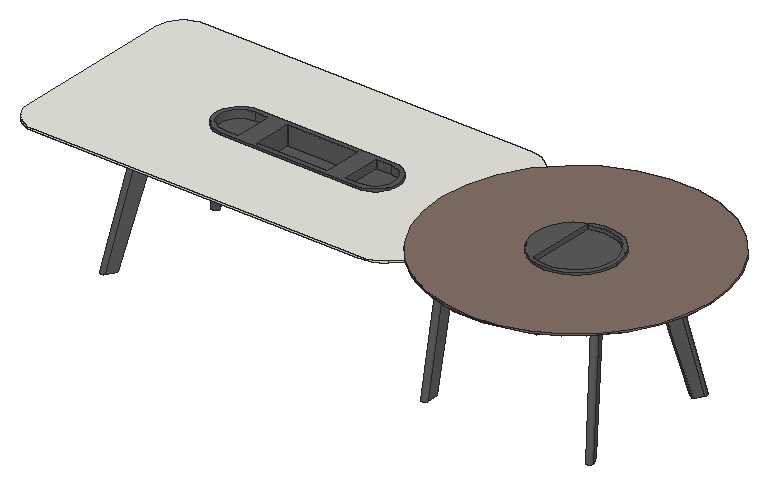
Revit family "Haworth_Immerse_OverlapTable_RectangleRound", category Furniture Systems, Revit 2018
Family settings
  Round Connector Dimension = Use Diameter
  Part Type = Normal
  OmniClass Number = 23.40.70.14.64.21
  OmniClass Title = Systems Furniture
  Work Plane-Based = No
  Always vertical = Yes
  Cut with Voids When Loaded = No
  Shared = No
  Room Calculation Point = No
Parameters (values of type "48d 96w 60d 60w 29h - Two Planters")
  Warranty = "http://www.haworth.com/resources/product-info/warranties"
  Void Baseline Height = 18"  # constant formula
  Upper Top Finish [instance] = Haworth _ Wood _ Walnut
  Understructure Finish [instance] = Haworth _ Paint _ Black
  URL - Product = "http://www.haworth.com/products/tables/collaborative/immerse"
  Standard Sizes = "48d 96w, 60d 60w"  # constant formula
  Standard Height = "29 in."  # constant formula
  Size = "Verify Final Dim. w/ Haworth"  # constant formula
  Round Planter Void Height = if(Round Planter, 24", 6")  # 24"
  Round Planter = yes
  Planter Finish [instance] = Haworth _ Paint _ Black
  Oblong Planter Void Height = if(Oblong Planter, 22", 6")  # 22"
  Oblong Planter = yes
  Model = "THRD-48D8"  # constant formula
  URL = "https://www.haworth.com/na/en.html"
  Revision Number = "1"  # constant formula
  Manufacturer = "Haworth"  # constant formula
  Lower Top Finish [instance] = Haworth _ Paint _ Polar
  Leg Finish [instance] = Haworth _ Wood _ Ink On Ash
  Description = "Haworth Immerse Overlap Table Rectangle Round - 48d 96w 60d 60w 29h - Two Planters"
  Author = "Haworth (Bentzen)"  # constant formula
  Assembly Code = "E2020200"
  Actual Width = 138"  # constant formula
  Actual Height = 29"  # constant formula
  Actual Depth = 60"  # constant formula
Types (4): name | Round Planter Void Height | Round Planter | Oblong Planter Void Height | Oblong Planter | Description
  48d 96w 60d 60w 29h - Oblong Planter | 6" | no | 22" | yes | "Haworth Immerse Overlap Table Rectangle Round - 48d 96w 60d 60w 29h - Oblong Planter"
  48d 96w 60d 60w 29h - No Planter | 6" | no | 6" | no | "Haworth Immerse Overlap Table Rectangle Round - 48d 96w 60d 60w 29h - No Planter"
  48d 96w 60d 60w 29h - Round Planter | 24" | yes | 6" | no | "Haworth Immerse Overlap Table Rectangle Round - 48d 96w 60d 60w 29h - Round Planter"
  48d 96w 60d 60w 29h - Two Planters | 24" | yes | 22" | yes | "Haworth Immerse Overlap Table Rectangle Round - 48d 96w 60d 60w 29h - Two Planters"
Reference planes (in)
  plane 1 "Floor": z = 0
  plane 2 "Lower Void Top": z = 40
  plane 3 "Void Bottom": z = 18
  plane 4 "Plan Racetrack Lower": y = 25.70774
  plane 5 "Plan Racetrack Upper": y = -22.29226
  plane 6 "Plan Round Upper": y = -28.29226
  plane 7 "Plan Round Lower": y = 31.70774
  plane 8: y = 1.70774
  plane 9 "Understructure Bottom": z = 25.07
  plane 10: z = 42
  plane 11 "Left": x = -74.03484
  plane 12: z = 27.82
  plane 13: z = 29
  plane 14: z = 29.84709
  plane 15: z = 30.18
  plane 16: z = 26.25
  plane 17: z = 28.66709
  plane 18: x = 21.96516
  plane 19: x = 3.96516
  plane 20: x = 63.96516
  plane 21: x = -26.03484
  plane 22: x = 33.96516
  plane 23: through (-13.62178, 41.92967, 48) normal (0.6698, 0.7425, 0)
  plane 24: through (-31.39813, -54.54965, 48) normal (-0.6698, 0.7425, 0)
  plane 25: x = 19.96516
  plane 26: x = 4.27205
  plane 27: x = 4.27205
  plane 28: through (9.63055, 23.64799, 48) normal (0.7425, -0.6698, 0)
  plane 29: through (19.69592, 14.56834, 48) normal (0.7425, -0.6698, 0)
  plane 30: y = 9.66764
  plane 31: through (9.63055, 23.64799, 48) normal (0.6698, 0.7425, 0)
  plane 32: through (19.69592, -11.15285, 48) normal (0.6698, -0.7425, 0)
  plane 33: x = -5.03484
Forms (in)
  Extrusion 1, solid, material "Haworth _ Paint _ Black" <- "Understructure Finish"
    sketch origin (100.37156, -13.25256, 14.35222) x (1, 0, 0) y (0, 0, 1)
      loop
        line (-56.0239, 14.64778) -> (-86.40577, 14.64778) -> (-86.40577, 11.89779) -> (-56.0239, 11.89779) -> (-56.0239, 14.64778)
    from -8.47972 to -7.07126
  Extrusion 2, solid, material "Haworth _ Paint _ Black" <- "Understructure Finish"
    sketch origin (-90.7701, 1.33882, 54.01613) x (-1, 0, 0) y (0, 0, 1)
      loop
        line (-135.11776, -27.76613) -> (-135.11776, -25.01613) -> (-136.65772, -25.01613) -> (-136.65772, -27.76613) -> (-135.11776, -27.76613)
    from -7.52011 to 8.28708
  Extrusion 3, solid, material "Haworth _ Wood _ Walnut" <- "Upper Top Finish"
    sketch origin (-40.10222, 25.60179, 0) x (-1, 0, 0) y (0, -1, 0)
      loop
        circle (-74.06738, 23.89404) r 30
    from 29.84709 to 30.18
  Blend 4, solid, material "Haworth _ Wood _ Walnut" <- "Upper Top Finish"
    base sketch origin (-26.88311, -138.29999, 0) x (-1, 0, 0) y (0, -1, 0)
      loop
        circle (-60.84827, -140.00774) r 28
    top sketch origin (-26.88311, -138.29999, 0) x (-1, 0, 0) y (0, -1, 0)
      loop
        circle (-60.84827, -140.00774) r 30
    from 29 to 29.84709
  Extrusion 5, solid, material "Haworth _ Paint _ Black" <- "Understructure Finish"
    sketch origin (100.37156, 1.74744, 14.35222) x (1, 0, 0) y (0, 0, 1)
      loop
        line (-56.0239, 14.64778) -> (-86.40577, 14.64778) -> (-86.40577, 11.89779) -> (-56.0239, 11.89779) -> (-56.0239, 14.64778)
    from -7.87846 to -6.47364
  Blend 6, solid, material "Haworth _ Paint _ Polar" <- "Lower Top Finish"
    base sketch origin (40.32415, -72.83085, -20.75261) x (0, -1, 0) y (1, 0, 0)
      loop
        arc (-96.5386, -108.35899) -> (-95.36702, -111.18742) -> (-92.5386, -112.35899) r 4
        line (-92.5386, -112.35899) -> (-56.5386, -112.35899)
        arc (-56.5386, -112.35899) -> (-53.71017, -111.18742) -> (-52.5386, -108.35899) r 4
        line (-52.5386, -108.35899) -> (-52.5386, -36.05204)
        arc (-52.5386, -36.05204) -> (-52.94653, -33.90253) -> (-54.08341, -32.03323) r 6.12943
        line (-54.08341, -32.03323) -> (-63.16306, -21.96785)
        arc (-63.16306, -21.96785) -> (-64.72814, -20.81183) -> (-66.62044, -20.35899) r 4.88124
        line (-66.62044, -20.35899) -> (-74.5386, -20.35899) -> (-82.45675, -20.35899)
        arc (-82.45675, -20.35899) -> (-84.34905, -20.81183) -> (-85.91413, -21.96785) r 4.88124
        line (-85.91413, -21.96785) -> (-94.99378, -32.03323)
        arc (-94.99378, -32.03323) -> (-96.13066, -33.90253) -> (-96.5386, -36.05204) r 6.12943
        line (-96.5386, -36.05204) -> (-96.5386, -108.35899)
    top sketch origin (40.32415, -72.83085, -24.4529) x (0, -1, 0) y (1, 0, 0)
      loop
        arc (-96.47884, -30.6936) -> (-98.00536, -33.13411) -> (-98.5386, -35.96289) r 7.76983
        line (-98.5386, -35.96289) -> (-98.5386, -108.35899)
        arc (-98.5386, -108.35899) -> (-96.78124, -112.60163) -> (-92.5386, -114.35899) r 6
        line (-92.5386, -114.35899) -> (-56.5386, -114.35899)
        arc (-56.5386, -114.35899) -> (-52.29595, -112.60163) -> (-50.5386, -108.35899) r 6
        line (-50.5386, -108.35899) -> (-50.5386, -35.96289)
        arc (-50.5386, -35.96289) -> (-51.07183, -33.13411) -> (-52.59835, -30.6936) r 7.76983
        line (-52.59835, -30.6936) -> (-61.678, -20.62823)
        arc (-61.678, -20.62823) -> (-63.76335, -19.0518) -> (-66.28403, -18.35899) r 6.93761
        line (-66.28403, -18.35899) -> (-74.5386, -18.35899) -> (-82.79316, -18.35899)
        arc (-82.79316, -18.35899) -> (-85.31384, -19.0518) -> (-87.39919, -20.62823) r 6.93761
        line (-87.39919, -20.62823) -> (-96.47884, -30.6936)
    from 48.57261 to 53.11998
  Extrusion 7, solid, material "Haworth _ Paint _ Black" <- "Understructure Finish"
    sketch origin (40.74604, 1.72412, -54.27357) x (1, 0, 0) y (0, 0, 1)
      loop
        line (-94.22339, 82.09357) -> (-95.76335, 82.09357) -> (-95.76335, 79.34357) -> (-94.22339, 79.34357) -> (-94.22339, 82.09357)
    from -7.90178 to 7.90541
  Blend 8, solid, material "Haworth _ Wood _ Ink On Ash" <- "Leg Finish"
    base sketch origin (27.74293, -72.79524, -23.96178) x (0, -1, 0) y (1, 0, 0)
      loop
        line (-60.60011, -15.32829) -> (-58.34678, -15.32829)
        arc (-58.34678, -15.32829) -> (-57.57177, -14.55329) -> (-58.34678, -13.77829) r 0.775
        line (-58.34678, -13.77829) -> (-60.60011, -13.77829) -> (-60.60011, -15.32829)
    top sketch origin (27.74293, -72.79524, -25.31466) x (0, -1, 0) y (1, 0, 0)
      loop
        line (-66.61394, -15.32834) -> (-64.01071, -15.32834)
        arc (-64.01071, -15.32834) -> (-63.23566, -14.55329) -> (-64.01071, -13.77824) r 0.77505
        line (-64.01071, -13.77824) -> (-66.61394, -13.77824) -> (-66.61394, -15.32834)
    from 23.96178 to 53.13466
  Extrusion 9, solid, material "Haworth _ Paint _ Black" <- "Understructure Finish"
    sketch origin (44.49604, 1.72412, -54.27357) x (1, 0, 0) y (0, 0, 1)
      loop
        line (-32.08025, 82.09357) -> (-97.97339, 82.09357) -> (-97.97339, 79.34357) -> (-32.08025, 79.34357) -> (-32.08025, 82.09357)
    from 6.49696 to 7.90541
  Extrusion 10, solid, material "Haworth _ Paint _ Black" <- "Understructure Finish"
    sketch origin (44.49604, 1.72412, -54.27357) x (1, 0, 0) y (0, 0, -1)
      loop
        line (-32.08025, -82.09357) -> (-32.08025, -79.34357) -> (-97.97339, -79.34357) -> (-97.97339, -82.09357) -> (-32.08025, -82.09357)
    from 6.49696 to 7.90178
  Blend 11, solid, material "Haworth _ Wood _ Ink On Ash" <- "Leg Finish"
    base sketch origin (40.56242, -35.53776, -25.31466) x (0, 1, 0) y (-1, 0, 0)
      loop
        line (50.56984, 98.86865) -> (51.34562, 97.52495) -> (53.33111, 98.67127)
        arc (53.33111, 98.67127) -> (53.61506, 99.73101) -> (52.55533, 100.01497) r 0.77578
        line (52.55533, 100.01497) -> (50.56984, 98.86865)
    top sketch origin (40.56242, -35.53776, -25.31466) x (0, 1, 0) y (-1, 0, 0)
      loop
        line (44.14424, 93.36905) -> (47.03752, 95.03948)
        arc (47.03752, 95.03948) -> (47.32119, 96.09815) -> (46.26252, 96.38182) r 0.775
        line (46.26252, 96.38182) -> (43.36925, 94.71138) -> (44.14424, 93.36905)
    from 25.31466 to 53.13466
  Extrusion 12, solid, material "Haworth _ Paint _ Black" <- "Understructure Finish"
    sketch origin (102.03455, 1.72412, -47.52357) x (1, 0, 0) y (0, 0, 1)
      loop
        line (-88.06876, 75.34357) -> (-89.61876, 75.34357) -> (-89.61876, 72.59357) -> (-88.06876, 72.59357) -> (-88.06876, 75.34357)
    from -7.90178 to 7.90541
  Extrusion 13, solid, material "Haworth _ Paint _ Polar" <- "Lower Top Finish"
    sketch origin (40.32415, -72.83085, -54.76436) x (1, 0, 0) y (0, 1, 0)
      loop
        arc (-108.35899, 98.5386) -> (-112.60163, 96.78124) -> (-114.35899, 92.5386) r 6
        line (-114.35899, 92.5386) -> (-114.35899, 56.5386)
        arc (-114.35899, 56.5386) -> (-112.60163, 52.29595) -> (-108.35899, 50.5386) r 6
        line (-108.35899, 50.5386) -> (-35.96289, 50.5386)
        arc (-35.96289, 50.5386) -> (-33.13411, 51.07183) -> (-30.6936, 52.59835) r 7.76983
        line (-30.6936, 52.59835) -> (-20.62823, 61.68675)
        arc (-20.62823, 61.68675) -> (-19.03665, 63.80916) -> (-18.35899, 66.37403) r 6.93111
        line (-18.35899, 66.37403) -> (-18.35899, 74.5386) -> (-18.35899, 82.70316)
        arc (-18.35899, 82.70316) -> (-19.03665, 85.26803) -> (-20.62823, 87.39044) r 6.93111
        line (-20.62823, 87.39044) -> (-30.6936, 96.47884)
        arc (-30.6936, 96.47884) -> (-33.13411, 98.00536) -> (-35.96289, 98.5386) r 7.76983
        line (-35.96289, 98.5386) -> (-108.35899, 98.5386)
    from 83.76436 to 83.43145
  Extrusion 14, void
    sketch origin (2.58825, 147.4983, 0) x (1, 0, 0) y (0, 1, 0)
      loop
        circle (31.37691, -145.79055) r 8.9
    from 18 to 42
  Extrusion 15, void
    sketch origin (-8.06806, 146.14147, 0) x (1, 0, 0) y (0, 1, 0)
      loop
        line (-21.60779, -139.33407) -> (-33.08615, -139.33407)
        arc (-33.08615, -139.33407) -> (-38.14128, -144.38919) -> (-33.08615, -149.44432) r 5.05513
        line (-33.08615, -149.44432) -> (-21.60779, -149.44432) -> (-2.83433, -149.44432)
        arc (-2.83433, -149.44432) -> (2.22079, -144.38919) -> (-2.83433, -139.33407) r 5.05513
        line (-2.83433, -139.33407) -> (-21.60779, -139.33407)
    from 18 to 40
  Blend 16, solid, material "Haworth _ Wood _ Ink On Ash" <- "Leg Finish"
    base sketch origin (27.74404, 76.24634, -23.96178) x (0, -1, 0) y (1, 0, 0)
      loop
        line (60.60011, -15.32829) -> (60.60011, -13.77829) -> (58.34678, -13.77829)
        arc (58.34678, -13.77829) -> (57.57177, -14.55329) -> (58.34678, -15.32829) r 0.775
        line (58.34678, -15.32829) -> (60.60011, -15.32829)
    top sketch origin (27.74404, 76.24634, -25.31466) x (0, -1, 0) y (1, 0, 0)
      loop
        line (66.61394, -15.32834) -> (66.61394, -13.77824) -> (64.01071, -13.77824)
        arc (64.01071, -13.77824) -> (63.23566, -14.55329) -> (64.01071, -15.32834) r 0.77505
        line (64.01071, -15.32834) -> (66.61394, -15.32834)
    from 23.96178 to 53.13466
  Blend 17, solid, material "Haworth _ Wood _ Ink On Ash" <- "Leg Finish"
    base sketch origin (53.47402, -95.09944, -25.31466) x (-0.866025, -0.5, 0) y (0.5, -0.866025, 0)
      loop
        line (-50.65624, -98.81876) -> (-51.43203, -97.47507) -> (-53.41751, -98.62139)
        arc (-53.41751, -98.62139) -> (-53.70147, -99.68113) -> (-52.64173, -99.96508) r 0.77578
        line (-52.64173, -99.96508) -> (-50.65624, -98.81876)
    top sketch origin (53.47402, -95.09944, -25.31466) x (-0.866025, -0.5, 0) y (0.5, -0.866025, 0)
      loop
        line (-44.23065, -93.31916) -> (-47.12393, -94.98959)
        arc (-47.12393, -94.98959) -> (-47.4076, -96.04826) -> (-46.34893, -96.33193) r 0.775
        line (-46.34893, -96.33193) -> (-43.45565, -94.6615) -> (-44.23065, -93.31916)
    from 25.31466 to 54.31466
  Blend 18, solid, material "Haworth _ Wood _ Ink On Ash" <- "Leg Finish"
    base sketch origin (53.47402, -95.09944, -25.31466) x (-0.866025, -0.5, 0) y (0.5, -0.866025, 0)
      loop
        line (-36.38294, -74.49576) -> (-36.38294, -72.20312)
        arc (-36.38294, -72.20312) -> (-37.15872, -71.42734) -> (-37.93451, -72.20312) r 0.77578
        line (-37.93451, -72.20312) -> (-37.93451, -74.49576) -> (-36.38294, -74.49576)
    top sketch origin (53.47402, -95.09944, -25.31466) x (-0.866025, -0.5, 0) y (0.5, -0.866025, 0)
      loop
        line (-37.93294, -82.81016) -> (-36.38294, -82.81016) -> (-36.38294, -79.46929)
        arc (-36.38294, -79.46929) -> (-37.15801, -78.69429) -> (-37.93294, -79.46942) r 0.775
        line (-37.93294, -79.46942) -> (-37.93294, -82.81016)
    from 25.31466 to 54.31466
  Blend 19, solid, material "Haworth _ Wood _ Ink On Ash" <- "Leg Finish"
    base sketch origin (40.56242, -35.53776, -25.31466) x (0, 1, 0) y (-1, 0, 0)
      loop
        line (23.92117, 98.86865) -> (21.93568, 100.01497)
        arc (21.93568, 100.01497) -> (20.87594, 99.73101) -> (21.1599, 98.67127) r 0.77578
        line (21.1599, 98.67127) -> (23.14538, 97.52495) -> (23.92117, 98.86865)
    top sketch origin (40.56242, -35.53776, -25.31466) x (0, 1, 0) y (-1, 0, 0)
      loop
        line (30.34676, 93.36905) -> (31.12176, 94.71138) -> (28.22848, 96.38182)
        arc (28.22848, 96.38182) -> (27.16981, 96.09815) -> (27.45348, 95.03948) r 0.775
        line (27.45348, 95.03948) -> (30.34676, 93.36905)
    from 25.31466 to 53.13466
Cuts and joins
  Extrusion 14 cuts Extrusion 3
  Extrusion 14 cuts Blend 4
  Extrusion 15 cuts Extrusion 13
  Extrusion 15 cuts Blend 6
Lines and regions (in)
  Masking region 1
    outline origin (0, 0, 0) x (1, 0, 0) y (0, 1, 0)
      loop
        line (4.36126, 25.70774) -> (-68.17895, 25.70774)
        arc (-68.17895, 25.70774) -> (-72.42159, 23.95038) -> (-74.17895, 19.70774) r 6
        line (-74.17895, 19.70774) -> (-74.17895, -16.29226)
        arc (-74.17895, -16.29226) -> (-72.42159, -20.5349) -> (-68.17895, -22.29226) r 6
        line (-68.17895, -22.29226) -> (4.36126, -22.29226)
        arc (4.36126, -22.29226) -> (7.19004, -21.75902) -> (9.63055, -20.2325) r 7.76983
        line (9.63055, -20.2325) -> (11.63476, -18.42282)
        arc (11.63476, -18.42282) -> (63.96516, 1.70774) -> (11.63476, 21.83831) r 30.03713
        line (11.63476, 21.83831) -> (9.63055, 23.64799)
        arc (9.63055, 23.64799) -> (7.19004, 25.17451) -> (4.36126, 25.70774) r 7.76983
  symbolic lines, style "Haworth Hidden", detail levels fine
    curve 1: line (-53.13537, 9.6259, 0) -> (-58.42639, 18.79021, 0)
    curve 2: line (-60.15844, 17.79022, 0) -> (-55.01731, 8.88551, 0)
    curve 3: line (-55.01731, 8.88551, 0) -> (-55.01731, -5.47002, 0)
    curve 4: line (-55.01731, -5.47002, 0) -> (-60.15844, -14.37473, 0)
    curve 5: line (-58.42639, -15.37473, 0) -> (-53.1051, -6.15799, 0)
    curve 6: line (-53.1051, -6.15799, 0) -> (13.04861, -6.15799, 0)
    curve 7: line (14.62141, -6.21824, 0) -> (44.0098, -6.21824, 0)
    curve 8: line (44.00528, 9.6259, 0) -> (14.26799, 9.6259, 0)
    curve 9: line (12.83526, 9.6259, 0) -> (-53.13537, 9.6259, 0)
    curve 12: line (44.0098, -6.21824, 0) -> (49.26766, -15.32512, 0)
    curve 13: line (50.99971, -14.32512, 0) -> (45.88762, -5.47072, 0)
    curve 14: arc (50.99971, -14.32512, 0) -> (50.63369, -15.69114, 0) -> (49.26766, -15.32512, 0) r 1
    curve 15: line (44.00528, 9.6259, 0) -> (49.32192, 18.83457, 0)
    curve 16: line (51.05396, 17.83457, 0) -> (45.88762, 8.88621, 0)
    curve 17: line (-53.47734, 8.22108, 0) -> (-53.47734, -4.77284, 0)
    curve 18: line (-53.47734, -4.77284, 0) -> (12.41579, -4.77284, 0)
    curve 19: line (12.41579, -4.77284, 0) -> (12.41579, 8.22108, 0)
    curve 20: line (12.41579, 8.22108, 0) -> (-53.47734, 8.22108, 0)
    curve 21: line (44.34766, 8.22108, 0) -> (13.9658, 8.22108, 0)
    curve 22: line (13.9658, 8.22108, 0) -> (13.9658, -4.77284, 0)
    curve 23: line (13.9658, -4.77284, 0) -> (44.34766, -4.77284, 0)
    curve 24: line (44.34766, -4.77284, 0) -> (44.34766, 8.22108, 0)
    curve 25: line (45.88762, 8.88621, 0) -> (45.88762, -5.47072, 0)
    curve 26: line (12.4157, 9.6259, 0) -> (12.4157, 17.90698, 0)
    curve 27: line (13.9658, 17.90698, 0) -> (13.9658, 9.6259, 0)
    curve 28: line (12.41459, -6.15799, 0) -> (12.41459, -14.49856, 0)
    curve 29: line (13.96469, -14.49856, 0) -> (13.96469, -6.18129, 0)
    curve 30: arc (12.4157, 17.90698, 0) -> (13.19075, 18.68203, 0) -> (13.9658, 17.90698, 0) r 0.77505
    curve 31: arc (12.41459, -14.49856, 0) -> (13.18964, -15.27361, 0) -> (13.96469, -14.49856, 0) r 0.77505
    curve 32: arc (-60.15844, 17.79022, 0) -> (-59.79241, 19.15624, 0) -> (-58.42639, 18.79021, 0) r 1
    curve 33: arc (-60.15844, -14.37473, 0) -> (-59.79241, -15.74075, 0) -> (-58.42639, -15.37473, 0) r 1
    curve 37: arc (49.32192, 18.83457, 0) -> (50.68794, 19.2006, 0) -> (51.05396, 17.83457, 0) r 1
  symbolic lines, style "Haworth Hidden"
    curve 10: line (11.62985, 21.83279, 0) -> (19.6659, 14.59237, 0)
    curve 11: line (21.96516, 9.6259, 0) -> (21.96516, -6.21824, 0)
    curve 34: arc (19.6659, 14.59237, 0) -> (21.25657, 12.49636, 0) -> (21.96516, 9.96231, 0) r 7.02994
    curve 35: line (11.62985, -18.4173, 0) -> (19.6659, -11.17688, 0)
    curve 36: arc (19.6659, -11.17688, 0) -> (21.25657, -9.08087, 0) -> (21.96516, -6.54682, 0) r 7.02994
  symbolic lines, style "Haworth"
    curve 38: arc (11.62985, 21.83279, 0) -> (3.96516, 1.70774, 0) -> (11.62985, -18.4173, 0) r 30.25334
  symbolic lines, style "Haworth", visible <- "Oblong Planter"
    curve 39: arc (-41.12534, 6.97812, 0) -> (-46.39572, 1.70774, 0) -> (-41.12534, -3.56263, 0) r 5.27038
    curve 40: line (-41.12534, -3.56263, 0) -> (-10.94434, -3.56263, 0)
    curve 41: arc (-10.94434, -3.56263, 0) -> (-5.67396, 1.70774, 0) -> (-10.94434, 6.97812, 0) r 5.27038
    curve 42: line (-10.94434, 6.97812, 0) -> (-41.12534, 6.97812, 0)
Dimensions and locks (in)
  "Oblong Planter Void Height": plane 2 "Lower Void Top" to plane 3 "Void Bottom"
  plane 6 "Plan Round Upper" to plane 7 "Plan Round Lower" = 60"
  equal spacing: plane 6 "Plan Round Upper", plane 8, plane 7 "Plan Round Lower"
  plane 1 "Floor" to plane 3 "Void Bottom" = 18"
  plane 7 "Plan Round Lower" to plane 8 to plane 6 "Plan Round Upper" = 30", 30"
  plane 7 "Plan Round Lower" to plane 6 "Plan Round Upper" = 60"
  plane 5 "Plan Racetrack Upper" to plane 4 "Plan Racetrack Lower" = 48"
  "Round Planter Void Height": plane 10 to plane 3 "Void Bottom"
  locked: plane 11 "Left" to plane 18 at 96
  locked: plane 19 to plane 20 at 60
  locked: plane 19 to plane 18 at 18
  equal spacing: plane 11 "Left", plane 21, plane 18
  equal spacing: plane 19, plane 22, plane 20
  plane 15 to plane 14 to plane 13 to plane 17 to plane 12 to plane 16 to plane 9 "Understructure Bottom" = 0.33291" locked, 0.84709" locked, 0.33291" locked, 0.84709" locked, 1.57" locked, 1.18" locked
  "Actual Height": plane 13 to plane 1 "Floor"
  plane 31 to plane 23 = 2"
  plane 32 to plane 24 = 2"
  plane 11 "Left" to plane 20 = 138"
  equal spacing: plane 11 "Left", plane 33, plane 20
  diameter of Blend 4 sketch curve = 56"
  diameter of Blend 4 sketch curve = 60"
  aligned and locked: Extrusion 12 to plane 9 "Understructure Bottom"
  aligned and locked: Extrusion 9 to plane 9 "Understructure Bottom"
  aligned and locked: Extrusion 10 to plane 9 "Understructure Bottom"
  aligned and locked: Extrusion 7 to plane 9 "Understructure Bottom"
  aligned and locked: Blend 8 to level
  aligned and locked: Blend 11 to level
  aligned and locked: Extrusion 15 to plane 3 "Void Bottom"
  aligned and locked: Extrusion 15 to plane 2 "Lower Void Top"
  aligned and locked: Extrusion 14 to plane 3 "Void Bottom"
  aligned and locked: plane 10 to Extrusion 14
  aligned and locked: nested 1 to Blend 11
  aligned and locked: Blend 17 to level
  aligned and locked: nested 3 to Blend 17
  aligned and locked: level to Blend 18
  aligned and locked: nested 4 to Blend 18
  aligned and locked: Blend 19 to level
  aligned and locked: nested 5 to Blend 19
Automatic sketch dimensions
  Extrusion 1 sketch curve to plane 13 = 0"
  Extrusion 1 sketch curve to plane 16 = 0"
  Extrusion 2 sketch curve to plane 16 = 0"
  Extrusion 2 sketch curve to plane 13 = 0"
  Extrusion 2 sketch curve to Extrusion 2 sketch curve = 1.53996"
  Extrusion 5 sketch curve to plane 13 = 0"
  Extrusion 5 sketch curve to plane 16 = 0"
  Blend 8 sketch curve to plane 5 "Plan Racetrack Upper" = 10.09713"
  Blend 8 sketch curve to Blend 8 sketch curve = 2.25334"
  Blend 8 sketch curve to Blend 8 sketch curve = 0.775"
  plane 8 to Blend 8 sketch curve = 7.88904"
  Blend 8 sketch curve to Blend 8 sketch curve = 2.60324"
  Blend 8 sketch curve to Blend 8 sketch curve = 0.77505"
  Blend 11 sketch curve to Blend 11 sketch curve = 0.77578"
  Blend 11 sketch curve to Blend 11 sketch curve = 1.98549"
  Blend 11 sketch curve to Blend 11 sketch curve = 0.38789"  (x2)
  Blend 11 sketch curve to Blend 11 sketch curve = 0.67185"
  Blend 11 sketch curve to Blend 11 sketch curve = 0.775"
  Blend 11 sketch curve to Blend 11 sketch curve = 2.89328"
  Blend 11 sketch curve to Blend 11 sketch curve = 0.3875"  (x2)
  Blend 11 sketch curve to Blend 11 sketch curve = 0.67117"
  Blend 11 sketch curve to Blend 11 sketch curve = 1.67043"
  Blend 11 sketch curve to Blend 11 sketch curve = 1.34233"
  Extrusion 15 sketch curve to plane 8 = 0.04453"
  plane 8 to Extrusion 15 sketch curve = 5.0106"
  plane 4 "Plan Racetrack Lower" to Blend 16 sketch curve = 7.80818"
  Blend 16 sketch curve to Blend 16 sketch curve = 2.25334"
  Blend 16 sketch curve to Blend 16 sketch curve = 0.775"
  Blend 16 sketch curve to plane 8 = 10.52789"
  Blend 16 sketch curve to Blend 16 sketch curve = 2.60324"
  Blend 16 sketch curve to Blend 16 sketch curve = 0.77505"
  Extrusion 1 sketch curve to Extrusion 1 sketch curve = 30.38186"
  Extrusion 5 sketch curve to Extrusion 5 sketch curve = 30.38186"
  plane 19 to Extrusion 1 sketch curve = 10.00064"
  plane 18 to Extrusion 2 sketch curve = 23.92246"
  plane 19 to Extrusion 5 sketch curve = 10.00064"
  plane 19 to Blend 8 sketch curve = 8.44948"
  plane 19 to Blend 8 sketch curve = 8.44943"
  Extrusion 15 sketch curve to plane 11 "Left" = 32.88064"
  Extrusion 15 sketch curve to Extrusion 15 sketch curve = 11.47836"
  Extrusion 15 sketch curve to Extrusion 15 sketch curve = 0"
  Extrusion 15 sketch curve to Extrusion 15 sketch curve = 18 99/128"
  plane 19 to Blend 16 sketch curve = 8.45059"
  plane 19 to Blend 16 sketch curve = 8.45054"
  Blend 6 sketch curve to plane 28 = 0"
  Blend 6 sketch curve to plane 29 = 0"  (x2)
  Blend 6 sketch curve to plane 25 = 0"
  plane 8 to Blend 6 sketch curve = 0"  (x2)
  plane 30 to Blend 6 sketch curve = 0.20883"
  plane 30 to Blend 6 sketch curve = 0.04174"
  Blend 6 sketch curve to plane 26 = 0.04968"  (x2)
  Blend 6 sketch curve to plane 30 = 7.91088"
  Blend 6 sketch curve to plane 11 "Left" = 2"
  plane 4 "Plan Racetrack Lower" to Blend 6 sketch curve = 6"  (x2)
  plane 4 "Plan Racetrack Lower" to Blend 6 sketch curve = 3.54482"
  plane 4 "Plan Racetrack Lower" to Blend 6 sketch curve = 2"
  plane 8 to Blend 6 sketch curve = 7.75107"
  Blend 6 sketch curve to Blend 6 sketch curve = 0.16709"
  plane 25 to Blend 6 sketch curve = 1.60886"
  Blend 6 sketch curve to Blend 6 sketch curve = 3.45738"
  Blend 6 sketch curve to plane 5 "Plan Racetrack Upper" = 8.12923"
  Blend 6 sketch curve to plane 5 "Plan Racetrack Upper" = 6"
  Blend 6 sketch curve to plane 5 "Plan Racetrack Upper" = 3.54482"
  Blend 6 sketch curve to plane 5 "Plan Racetrack Upper" = 2"
  plane 26 to Blend 6 sketch curve = 4.01888"
  Blend 17 sketch curve to Blend 17 sketch curve = 0.77578"
  Blend 17 sketch curve to Blend 17 sketch curve = 1.98549"
  Blend 17 sketch curve to Blend 17 sketch curve = 0.38789"  (x2)
  Blend 17 sketch curve to Blend 17 sketch curve = 0.67185"
  Blend 17 sketch curve to Blend 17 sketch curve = 0.775"
  Blend 17 sketch curve to Blend 17 sketch curve = 2.89328"
  Blend 17 sketch curve to Blend 17 sketch curve = 0.3875"  (x2)
  Blend 17 sketch curve to Blend 17 sketch curve = 0.67117"
  Blend 17 sketch curve to Blend 17 sketch curve = 1.67043"
  Blend 17 sketch curve to Blend 17 sketch curve = 1.34233"
  Blend 18 sketch curve to Blend 18 sketch curve = 0.77578"
  Blend 18 sketch curve to Blend 18 sketch curve = 1.54999"
  Blend 18 sketch curve to Blend 18 sketch curve = 0"  (x3)
  Blend 18 sketch curve to Blend 18 sketch curve = 0.775"  (x2)
  Blend 18 sketch curve to Blend 18 sketch curve = 3.34087"
  Blend 19 sketch curve to Blend 19 sketch curve = 0.77578"
  Blend 19 sketch curve to Blend 19 sketch curve = 1.98549"
  Blend 19 sketch curve to Blend 19 sketch curve = 0.38789"  (x2)
  Blend 19 sketch curve to Blend 19 sketch curve = 0.67185"
  Blend 19 sketch curve to Blend 19 sketch curve = 0.775"
  Blend 19 sketch curve to Blend 19 sketch curve = 2.89328"
  Blend 19 sketch curve to Blend 19 sketch curve = 0.3875"  (x2)
  Blend 19 sketch curve to Blend 19 sketch curve = 0.67117"
  Blend 19 sketch curve to Blend 19 sketch curve = 1.67043"
  Blend 19 sketch curve to Blend 19 sketch curve = 1.34233"
  plane 5 "Plan Racetrack Upper" to Blend 19 sketch curve = 7.91439"
  Blend 19 sketch curve to plane 8 = 9.79202"
  plane 30 to Blend 11 sketch curve = 5.36444"
  Blend 11 sketch curve to plane 30 = 1.83615"
  plane 23 to Blend 18 sketch curve = 0.7613"
  Blend 18 sketch curve to Blend 18 sketch curve = 2.29264"
  Blend 17 sketch curve to plane 24 = 0.18849"
  plane 11 "Left" to Blend 19 sketch curve = 14.5823"
  plane 11 "Left" to Blend 19 sketch curve = 18.21545"
  plane 11 "Left" to Blend 11 sketch curve = 14.5823"
  plane 11 "Left" to Blend 11 sketch curve = 18.21545"
  Blend 17 sketch curve to plane 30 = 7.35031"
  Blend 17 sketch curve to plane 30 = 1.05828"
  Blend 18 sketch curve to plane 5 "Plan Racetrack Upper" = 8.6898"
  plane 8 to Blend 18 sketch curve = 9.01818"
  plane 23 to Blend 18 sketch curve = 3.76848"
  Blend 17 sketch curve to plane 24 = 3.90214"
  Extrusion 13 sketch curve to plane 11 "Left" = 0"
  plane 4 "Plan Racetrack Lower" to Extrusion 13 sketch curve = 0"
  plane 5 "Plan Racetrack Upper" to Extrusion 13 sketch curve = 0"
  Extrusion 13 sketch curve to plane 24 = 0"
  Extrusion 13 sketch curve to plane 23 = 0"
  plane 32 to Extrusion 13 sketch curve = 0"
  plane 28 to Extrusion 13 sketch curve = 0"
  Extrusion 13 sketch curve to plane 31 = 0"
  Extrusion 13 sketch curve to plane 18 = 0"
  plane 8 to Extrusion 13 sketch curve = 0"
  Extrusion 13 sketch curve to plane 5 "Plan Racetrack Upper" = 6"
  Extrusion 13 sketch curve to Extrusion 13 sketch curve = 6"
  Extrusion 13 sketch curve to plane 5 "Plan Racetrack Upper" = 2.05976"
  plane 30 to Extrusion 13 sketch curve = 0.25068"
  plane 25 to Extrusion 13 sketch curve = 4.91614"  (x2)
  plane 25 to Extrusion 13 sketch curve = 0.26924"  (x2)
  Extrusion 13 sketch curve to plane 5 "Plan Racetrack Upper" = 11.14815"
  Extrusion 13 sketch curve to Extrusion 13 sketch curve = 4.68729"
  Extrusion 13 sketch curve to plane 30 = 0.20467"
  plane 4 "Plan Racetrack Lower" to Blend 6 sketch curve = 0"
  plane 28 to Blend 6 sketch curve = 0"
  Blend 6 sketch curve to plane 31 = 0"  (x2)
  Blend 6 sketch curve to plane 11 "Left" = 0"
  Blend 6 sketch curve to plane 18 = 0"
  plane 32 to Blend 6 sketch curve = 0"  (x2)
  plane 5 "Plan Racetrack Upper" to Blend 6 sketch curve = 0"
  Blend 6 sketch curve to plane 24 = 0"
  Blend 6 sketch curve to plane 23 = 0"
  plane 25 to Blend 6 sketch curve = 0.26924"  (x2)
  Blend 6 sketch curve to plane 30 = 0.29467"
  plane 30 to Blend 6 sketch curve = 0.25068"
  plane 25 to Blend 6 sketch curve = 4.91614"
  Blend 6 sketch curve to Blend 6 sketch curve = 7.70921"
  Blend 6 sketch curve to Blend 6 sketch curve = 7.76983"
  Blend 6 sketch curve to Blend 6 sketch curve = 6"
  Extrusion 7 sketch curve to plane 12 = 0"
  Extrusion 7 sketch curve to plane 9 "Understructure Bottom" = 0"
  Extrusion 7 sketch curve to plane 11 "Left" = 19.01753"
  Extrusion 7 sketch curve to Extrusion 7 sketch curve = 1.53996"
  Extrusion 9 sketch curve to plane 12 = 0"
  Extrusion 9 sketch curve to plane 9 "Understructure Bottom" = 0"
  Extrusion 9 sketch curve to plane 11 "Left" = 20.5575"
  plane 25 to Extrusion 9 sketch curve = 7.54937"
  Extrusion 10 sketch curve to plane 12 = 0"
  Extrusion 10 sketch curve to plane 9 "Understructure Bottom" = 0"
  Extrusion 10 sketch curve to plane 11 "Left" = 20.5575"
  plane 25 to Extrusion 10 sketch curve = 7.54937"
  Extrusion 12 sketch curve to plane 12 = 0"
  Extrusion 12 sketch curve to plane 9 "Understructure Bottom" = 0"
  plane 25 to Extrusion 12 sketch curve = 7.54937"
  Extrusion 12 sketch curve to Extrusion 12 sketch curve = 1.55"
  plane 11 "Left" to Masking region 1 sketch curve = 0.14411"
  plane 5 "Plan Racetrack Upper" to Masking region 1 sketch curve = 0"
  plane 4 "Plan Racetrack Lower" to Masking region 1 sketch curve = 0"
  Masking region 1 sketch curve to plane 23 = 0"
  Masking region 1 sketch curve to plane 24 = 0"
  plane 28 to Masking region 1 sketch curve = 0"
  Masking region 1 sketch curve to plane 31 = 0"
  plane 32 to Masking region 1 sketch curve = 0"
  plane 8 to Masking region 1 sketch curve = 0"
  Masking region 1 sketch curve to plane 11 "Left" = 5.85589"  (x2)
  Masking region 1 sketch curve to plane 5 "Plan Racetrack Upper" = 2.05976"
  Masking region 1 sketch curve to plane 22 = 0.03713"
  Masking region 1 sketch curve to Masking region 1 sketch curve = 2.00421"  (x2)
  Masking region 1 sketch curve to Masking region 1 sketch curve = 1.80968"
  plane 8 to Extrusion 3 sketch curve = 0"
  plane 8 to Blend 4 sketch curve = 0"  (x2)
  plane 8 to Extrusion 14 sketch curve = 0"
  Extrusion 3 sketch curve to plane 22 = 0"
  Blend 4 sketch curve to plane 22 = 0"
  Blend 4 sketch curve to Blend 4 sketch curve = 0"
  Blend 4 sketch curve to plane 20 = 0"
  Extrusion 14 sketch curve to plane 22 = 0"
  plane 8 to curve 39 = 0"
  curve 34 to plane 18 = 0"
  curve 11 to plane 18 = 0"
  curve 36 to plane 18 = 0"
  plane 8 to curve 38 = 0"
  plane 25 to curve 10 = 0.29926"
  plane 25 to curve 35 = 0.29926"
  plane 30 to curve 34 = 0.298"
  plane 25 to curve 34 = 5.00492"
  plane 25 to curve 36 = 5.00492"
  plane 25 to curve 27 = 5.99936"
  curve 22 to curve 27 = 0"
  plane 25 to curve 29 = 6.00047"
  curve 30 to curve 27 = 0.77505"
  curve 31 to curve 29 = 0.77505"
  curve 28 to curve 19 = 0.0012"
  curve 35 to curve 28 = 0.78474"
  plane 4 "Plan Racetrack Lower" to curve 10 = 3.87495"
  curve 10 to curve 30 = 0.78585"
  curve 41 to plane 33 = 5.9095"
  curve 39 to plane 21 = 15.0905"
  plane 8 to curve 5 = 7.86573"
  curve 5 to curve 39 = 11.97976"
  plane 30 to curve 9 = 0.04174"
  curve 9 to curve 39 = 12.01003"
  curve 17 to curve 1 = 0.34197"
  plane 8 to curve 4 = 7.17776"
  curve 4 to curve 17 = 1.53996"
  curve 5 to plane 5 "Plan Racetrack Upper" = 6.91753"
  curve 5 to curve 3 = 3.40908"
  plane 4 "Plan Racetrack Lower" to curve 1 = 6.91753"
  curve 1 to curve 2 = 3.40908"
  curve 33 to curve 5 = 0.86602"
  curve 32 to curve 32 = 0.86602"
  curve 4 to plane 5 "Plan Racetrack Upper" = 7.91753"
  curve 4 to curve 33 = 0.86602"
  plane 4 "Plan Racetrack Lower" to curve 2 = 7.91753"
  curve 2 to curve 32 = 0.86602"
  plane 22 to curve 38 = 0.25334"
  plane 30 to curve 8 = 0.04174"
  plane 22 to curve 8 = 10.04012"
  plane 22 to curve 12 = 10.04464"
  curve 7 to curve 24 = 0.33786"
  plane 30 to curve 16 = 0.78143"
  curve 21 to curve 16 = 1.53996"
  curve 12 to plane 5 "Plan Racetrack Upper" = 6.96714"
  curve 13 to curve 12 = 3.38004"
  plane 4 "Plan Racetrack Lower" to curve 15 = 6.87317"
  curve 16 to curve 15 = 3.4343"
  curve 14 to curve 14 = 0.86602"
  curve 15 to curve 37 = 0.86602"
  curve 13 to plane 5 "Plan Racetrack Upper" = 7.96714"
  curve 14 to curve 13 = 0.86602"
  plane 4 "Plan Racetrack Lower" to curve 16 = 7.87317"
  curve 37 to curve 16 = 0.86602"
  curve 38 to curve 28 = 3.91874"
  curve 29 to curve 35 = 3.32168"
  plane 8 to curve 12 = 7.92598"
  curve 7 to curve 36 = 0.26409"
  curve 7 to curve 25 = 0.74752"
  curve 5 to curve 17 = 1.38515"
  curve 7 to curve 23 = 1.4454"
  plane 8 to curve 40 = 5.27038"
  curve 17 to curve 1 = 1.40482"
  curve 21 to curve 8 = 1.40482"
  plane 30 to curve 2 = 0.78213"
  curve 11 to curve 10 = 4.96647"
  curve 27 to curve 10 = 3.92581"
  curve 7 to curve 36 = 0.33883"
  curve 27 to curve 8 = 0.3022"
  curve 28 to curve 6 = 0.63402"
  curve 26 to curve 9 = 0.41956"
  curve 7 to curve 29 = 0.03694"
  plane 30 to curve 27 = 0.04174"
  radius of Extrusion 3 sketch curve = 30"
  radius of Extrusion 14 sketch curve = 8.9"
Nested families (in)
  nested 1: "Haworth_Immerse_Support_Part" at (-27.59575, 44.38998, -0.41641) x (0.866, 0.5, 0) z (0, 0, 1), Understructure Finish <- "Understructure Finish", type "Support"
    with Understructure Finish Haworth _ Paint _ Black
  nested 2: "Haworth_Immerse_Planter_Round" at (-6.53484, -9.45091, 0.68002) x (-1, 0, 0) z (0, 0, 1), visible <- "Round Planter", Planter Finish <- "Planter Finish", type "EHPR"
    with Planter Finish Haworth _ Paint _ Black
  nested 3: "Haworth_Immerse_Support_Part" at (88.63933, 3.93434, 0.76359) x (0.866, -0.5, 0) z (0, 0, 1), Understructure Finish <- "Understructure Finish", type "Support"
    with Understructure Finish Haworth _ Paint _ Black
  nested 4: "Haworth_Immerse_Support_Part" at (88.58951, -0.43256, 0.76359) x (0.866, 0.5, 0) z (0, 0, 1), Understructure Finish <- "Understructure Finish", type "Support"
    with Understructure Finish Haworth _ Paint _ Black
  nested 5: "Haworth_Immerse_Support_Part" at (-27.59575, -40.9745, -0.41641) x (0.866, -0.5, 0) z (0, 0, 1), Understructure Finish <- "Understructure Finish", type "Support"
    with Understructure Finish Haworth _ Paint _ Black
  nested 6: "Haworth_Immerse_Planter_Oblong" at (14.46516, 12.8664, -0.49998), visible <- "Oblong Planter", Planter Finish <- "Planter Finish", type "EHPO"
    with Planter Finish Haworth _ Paint _ Black
Definition of nested family "Haworth_Immerse_Support_Part"
  Parameters
    Warranty = "http://www.haworth.com/product-info/warranties"
    Understructure Finish [instance] = none
    URL - Product = "http://www.haworth.com/products/tables/collaborative/immerse"
    Model = ""
    URL = "http://www.haworth.com/"
    Revision Number = "1"  # constant formula
    Manufacturer = "Haworth"  # constant formula
    Description = "Haworth_Immerse_Support_Part"
    Author = "Haworth (Hampton)"  # constant formula
    Assembly Code = "E2020200"
    Actual Width = 138"  # constant formula
    Actual Height = 36 1/4"  # constant formula
    Actual Depth = 60"  # constant formula
  Reference planes (in)
    plane 1 "Floor": z = 0
    plane 2 "Center L/R": x = -40.5
    plane 3 "Table Edge Front": y = -11.15866
    plane 4 "Rect Top": z = 29.49998
    plane 5 "Rect Mid": z = 29.12443
    plane 6 "Rect Bottom": z = 28.31193
    plane 7: x = -40.5
    plane 8: x = -41.5
    plane 9: x = -41.25
    plane 10: x = -39.5
    plane 11: x = -39.75
  Forms (in)
    Extrusion 1, solid, material <- "Understructure Finish"
      sketch origin (0, 0, 35.87445) x (0, -1, 0) y (1, 0, 0)
        loop
          line (-18.38399, -41.5) -> (-6.75474, -41.5)
          arc (-6.75474, -41.5) -> (-5.75474, -40.5) -> (-6.75474, -39.5) r 1
          line (-6.75474, -39.5) -> (-18.38399, -39.5) -> (-18.38399, -41.5)
      from -10.10998 to -7.63804
    Extrusion 2, void
      sketch origin (-37.39844, 0, 0) x (0, 0, 1) y (0, -1, 0)
        loop
          line (25.60768, -18.68942) -> (27.79043, -5.30688) -> (25.54043, -5.30688) -> (25.54043, -18.68942) -> (25.60768, -18.68942)
      from -6.31779 to 0.64844
    Extrusion 3, void
      sketch origin (0, 0, 35.87445) x (0, -1, 0) y (1, 0, 0)
        loop
          line (-18.13399, -39.75) -> (-18.13399, -41.25) -> (-6.75474, -41.25)
          arc (-6.75474, -41.25) -> (-6.00474, -40.5) -> (-6.75474, -39.75) r 0.75
          line (-6.75474, -39.75) -> (-18.13399, -39.75)
      from -11.52859 to -7.87446
  Cuts and joins
    Extrusion 2, Extrusion 3 cuts Extrusion 1
  Dimensions and locks (in)
    Extrusion 3 to plane 2 "Center L/R" = 3/4"
Definition of nested family "Haworth_Immerse_Planter_Round"
  Parameters
    Warranty = "http://www.haworth.com/product-info/warranties"
    URL - Product = "http://www.haworth.com/products/tables/collaborative/immerse"
    Planter Finish [instance] = none
    Model = "EHPR"
    URL = "http://www.haworth.com/"
    Revision Number = "1"  # constant formula
    Manufacturer = "Haworth"  # constant formula
    Description = "Haworth Immerse Planter Round"
    Author = "Haworth (Hampton)"  # constant formula
    Assembly Code = "E2020200"
  Reference planes (in)
    plane 1 "Floor": z = 0
    plane 2 "Center L/R": x = -40.5
    plane 3 "Center": y = -11.15866
    plane 4 "Surface Top": z = 29.49998
    plane 5 "Side Bottom": z = 28.74998
    plane 6: x = -49.5
    plane 7: x = -31.5
    plane 8: y = -2.15866
    plane 9: y = -20.15866
    plane 10 "Center Bottom": z = 25.548
    plane 11 "Planter Top": z = 30.24998
  Forms (in)
    Extrusion 1, solid, material <- "Planter Finish"
      sketch origin (0, 0, 35.87445) x (0, -1, 0) y (1, 0, 0)
        loop
          circle (11.15866, -40.5) r 9
      from -6.37446 to -5.93901
    Extrusion 2, solid, material <- "Planter Finish"
      sketch origin (0, 0, 35.87445) x (0, -1, 0) y (1, 0, 0)
        loop
          line (18.52386, -36.40146) -> (3.79346, -36.40145)
          arc (3.79346, -36.40145) -> (3.45471, -36.50121) -> (3.22411, -36.76865) r 0.625
          arc (3.22411, -36.76865) -> (11.15865, -49.07145) -> (19.09321, -36.76866) r 8.71005
          arc (19.09321, -36.76866) -> (18.86261, -36.50122) -> (18.52386, -36.40146) r 0.625
      from -7.12446 to -6.37446
    Extrusion 3, void
      sketch origin (0, 0, 35.87445) x (0, -1, 0) y (1, 0, 0)
        loop
          arc (3.79346, -36.90145) -> (3.72571, -36.92141) -> (3.67959, -36.97489) r 0.125
          arc (3.67959, -36.97489) -> (11.15865, -48.57145) -> (18.63773, -36.9749) r 8.21005
          arc (18.63773, -36.9749) -> (18.59161, -36.92141) -> (18.52386, -36.90146) r 0.125
          line (18.52386, -36.90146) -> (3.79346, -36.90145)
      from -6.82746 to -5.62446
  Cuts and joins
    Extrusion 3 cuts Extrusion 1
    Extrusion 3 cuts Extrusion 2
    joined: Extrusion 1, Extrusion 2
  Lines and regions (in)
    Masking region 1
      outline origin (0, 0, 35.87445) x (0, -1, 0) y (1, 0, 0)
        loop
          circle (11.15866, -40.5) r 9
  Dimensions and locks (in)
    plane 9 to plane 3 "Center" to plane 8 = 9", 9"
    plane 6 to plane 2 "Center L/R" to plane 7 = 9", 9"
    aligned and locked: plane 4 "Surface Top" to Extrusion 1
    aligned and locked: plane 5 "Side Bottom" to Extrusion 2
    aligned and locked: Extrusion 2 to plane 4 "Surface Top"
    aligned and locked: Extrusion 3 to plane 11 "Planter Top"
Definition of nested family "Haworth_Immerse_Planter_Oblong"
  Parameters
    Warranty = "http://www.haworth.com/product-info/warranties"
    URL - Product = "http://www.haworth.com/products/tables/collaborative/immerse"
    Planter Finish [instance] = none
    Model = "EHPO"
    URL = "http://www.haworth.com/"
    Revision Number = "1"  # constant formula
    Manufacturer = "Haworth"  # constant formula
    Description = "Haworth Immerse Planter Oblong"
    Author = "Haworth (Hampton)"  # constant formula
    Assembly Code = "E2020200"
  Reference planes (in)
    plane 1 "Floor": z = 0
    plane 2 "Center L/R": x = -40.5
    plane 3 "Center": y = -11.15866
    plane 4 "Surface Top": z = 29.49998
    plane 5 "Side Bottom": z = 27.99998
    plane 6: x = -60.875
    plane 7: x = -20.125
    plane 8: y = -5.88828
    plane 9: y = -16.42904
    plane 10 "Center Bottom": z = 25.548
    plane 11 "Planter Top": z = 30.24998
  Forms (in)
    Extrusion 1, solid, material <- "Planter Finish"
      sketch origin (0, 0, 35.87445) x (0, -1, 0) y (1, 0, 0)
        loop
          line (5.88828, -25.4095) -> (5.88828, -55.5905)
          arc (5.88828, -55.5905) -> (11.15866, -60.86088) -> (16.42904, -55.5905) r 5.27038
          line (16.42904, -55.5905) -> (16.42904, -25.4095)
          arc (16.42904, -25.4095) -> (11.15866, -20.13912) -> (5.88828, -25.4095) r 5.27038
      from -6.37446 to -5.93901
    Extrusion 2, solid, material <- "Planter Finish"
      sketch origin (0, 0, 35.87445) x (0, -1, 0) y (1, 0, 0)
        loop
          arc (15.3122, -29.08454) -> (15.75414, -28.90148) -> (15.9372, -28.45954) r 0.625
          line (15.9372, -28.45954) -> (15.9372, -25.41)
          arc (15.9372, -25.41) -> (11.15866, -20.63146) -> (6.38012, -25.41) r 4.77854
          line (6.38012, -25.41) -> (6.38012, -28.45954)
          arc (6.38012, -28.45954) -> (6.56318, -28.90148) -> (7.00512, -29.08454) r 0.625
          line (7.00512, -29.08454) -> (15.3122, -29.08454)
        loop
          line (15.3122, -51.91546) -> (7.00512, -51.91546)
          arc (7.00512, -51.91546) -> (6.56318, -52.09852) -> (6.38012, -52.54046) r 0.625
          line (6.38012, -52.54046) -> (6.38012, -55.59)
          arc (6.38012, -55.59) -> (11.15866, -60.36854) -> (15.9372, -55.59) r 4.77854
          line (15.9372, -55.59) -> (15.9372, -52.54046)
          arc (15.9372, -52.54046) -> (15.75414, -52.09852) -> (15.3122, -51.91546) r 0.625
      from -7.87446 to -6.37446
    Extrusion 3, solid, material <- "Planter Finish"
      sketch origin (0, 0, 35.87445) x (0, -1, 0) y (1, 0, 0)
        loop
          line (15.9372, -48.21154) -> (15.9372, -32.78846)
          arc (15.9372, -32.78846) -> (15.75414, -32.34652) -> (15.3122, -32.16346) r 0.625
          line (15.3122, -32.16346) -> (7.00512, -32.16346)
          arc (7.00512, -32.16346) -> (6.56318, -32.34652) -> (6.38012, -32.78846) r 0.625
          line (6.38012, -32.78846) -> (6.38012, -48.21154)
          arc (6.38012, -48.21154) -> (6.56318, -48.65348) -> (7.00512, -48.83654) r 0.625
          line (7.00512, -48.83654) -> (15.3122, -48.83654)
          arc (15.3122, -48.83654) -> (15.75414, -48.65348) -> (15.9372, -48.21154) r 0.625
      from -10.32645 to -6.37446
    Extrusion 4, void
      sketch origin (0, 0, 35.87445) x (0, -1, 0) y (1, 0, 0)
        loop
          arc (7.00512, -52.41546) -> (6.91673, -52.45207) -> (6.88012, -52.54046) r 0.125
          line (6.88012, -52.54046) -> (6.88012, -55.59)
          arc (6.88012, -55.59) -> (11.15866, -59.86854) -> (15.4372, -55.59) r 4.27854
          line (15.4372, -55.59) -> (15.4372, -52.54046)
          arc (15.4372, -52.54046) -> (15.40059, -52.45207) -> (15.3122, -52.41546) r 0.125
          line (15.3122, -52.41546) -> (7.00512, -52.41546)
        loop
          line (7.00512, -28.58454) -> (15.3122, -28.58454)
          arc (15.3122, -28.58454) -> (15.40059, -28.54793) -> (15.4372, -28.45954) r 0.125
          line (15.4372, -28.45954) -> (15.4372, -25.41)
          arc (15.4372, -25.41) -> (11.15866, -21.13146) -> (6.88012, -25.41) r 4.27854
          line (6.88012, -25.41) -> (6.88012, -28.45954)
          arc (6.88012, -28.45954) -> (6.91673, -28.54793) -> (7.00512, -28.58454) r 0.125
      from -7.67122 to -5.62446
    Extrusion 5, void
      sketch origin (0, 0, 35.87445) x (0, -1, 0) y (1, 0, 0)
        loop
          arc (15.4372, -32.78846) -> (15.40059, -32.70007) -> (15.3122, -32.66346) r 0.125
          line (15.3122, -32.66346) -> (7.00512, -32.66346)
          arc (7.00512, -32.66346) -> (6.91673, -32.70007) -> (6.88012, -32.78846) r 0.125
          line (6.88012, -32.78846) -> (6.88012, -48.21154)
          arc (6.88012, -48.21154) -> (6.91673, -48.29993) -> (7.00512, -48.33654) r 0.125
          line (7.00512, -48.33654) -> (15.3122, -48.33654)
          arc (15.3122, -48.33654) -> (15.40059, -48.29993) -> (15.4372, -48.21154) r 0.125
          line (15.4372, -48.21154) -> (15.4372, -32.78846)
      from -10.07019 to -5.62446
  Cuts and joins
    Extrusion 4, Extrusion 5 cuts Extrusion 1
    Extrusion 4 cuts Extrusion 2
    Extrusion 5 cuts Extrusion 3
    joined: Extrusion 1, Extrusion 2, Extrusion 3
  Lines and regions (in)
    Masking region 1
      outline origin (0, 0, 35.87445) x (0, -1, 0) y (1, 0, 0)
        loop
          arc (5.88828, -55.5905) -> (11.15866, -60.86088) -> (16.42904, -55.5905) r 5.27038
          line (16.42904, -55.5905) -> (16.42904, -25.4095)
          arc (16.42904, -25.4095) -> (11.15866, -20.13912) -> (5.88828, -25.4095) r 5.27038
          line (5.88828, -25.4095) -> (5.88828, -55.5905)
  Dimensions and locks (in)
    aligned and locked: plane 4 "Surface Top" to Extrusion 1
    aligned and locked: Extrusion 2 to plane 5 "Side Bottom"
    aligned and locked: Extrusion 2 to plane 4 "Surface Top"
    aligned and locked: plane 10 "Center Bottom" to Extrusion 3
    aligned and locked: Extrusion 3 to plane 4 "Surface Top"
    aligned and locked: Extrusion 4 to plane 11 "Planter Top"
